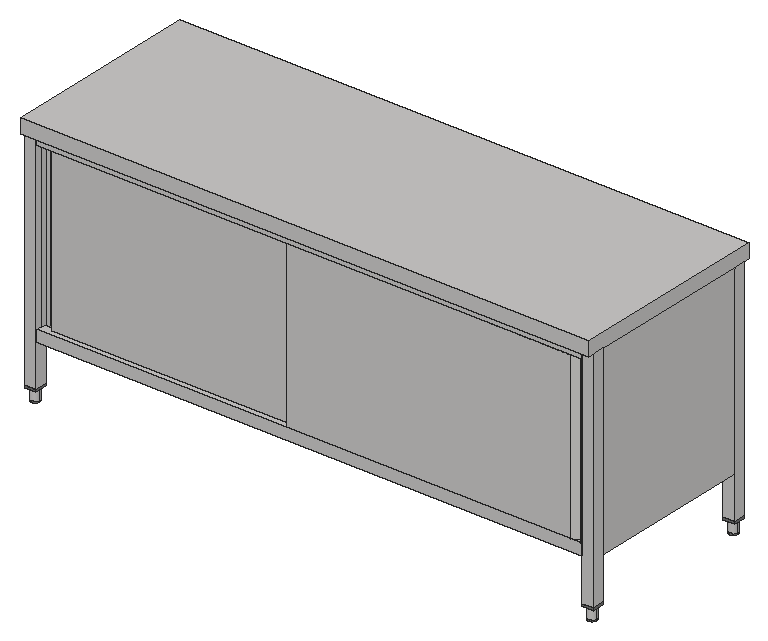
Revit family "QF_ELECTROLUXPROFESSIONAL_134044_GTND2000E", category Attrezzature speciali, Revit 2020
Family settings
  Quota connettore circolare = Usa diametro
  Tipo di parte = Normale
  Basato su piano di lavoro = No
  Sempre verticale = Sì
  Taglio con vuoti quando caricato = No
  Condiviso = No
  Punto di calcolo locali = No
Parameters (values of type "Standard")
  Weight = 110.00 kg
  Watts = 0 W
  Volts = 0 V
  URL Manufacturer = "https://www.electroluxprofessional.com/"
  URL = "https://www.electroluxprofessional.com/"
  Steam Supply Size = 0 mm
  Steam Supply Minimum Pressure = 0.0 Pa
  Steam Supply Maximum Pressure = 0.0 Pa
  Steam Consumption per Hour = 0
  Refrigeration Suction Line Size = 0.0 mm
  Refrigeration Liquid Line Size = 0.0 mm
  Refrigerant Compressor Remote = yes
  Prospetto di default = 0.0 mm
  Phase = 0
  Modello = "GTND2000E"
  Produttore = "Electrolux Professional"
  Length Actual = 2000.0 mm  # constant formula
  Item Number = "134044"
  Hot Water Size = 0 mm
  Height Actual = 900.0 mm  # constant formula
  HP = "0 HP"
  Gas Size = 0 mm
  Gas KW = 0
  Gas Input Pressure = 0 W
  Direct Waste Size = 0 mm
  Descrizione = "PASSTHRU WORKTOP CUPBOARD 2000 MM"
  Depth Actual = 700.0 mm  # constant formula
  Cycle = 0 Hz
  Condensate Return Size = 0 mm
  Compressed Air Volume = 0.0 L/s
  Compressed Air Size = 0 mm
  Compressed Air Pressure = 0.0 Pa
  Cold Water Size = 0 mm
  Accessory = yes
Reference planes
  plane 1 "Center (Front/Back)": y = 0
  plane 2: z = 0
  plane 3 "Center (Left/Right)": x = -500
  plane 4 "LEFT": x = -1500
  plane 5 "RIGHT": x = 500
  plane 6 "BACK": y = 350
  plane 7 "FRONT": y = -350
  plane 8 "Base": z = 850
  plane 9 "TOP": z = 900
  plane 10: x = -1480
  plane 11: x = 480
  plane 12: y = 310
  plane 13: y = -310
  plane 14 "BodyLeft": x = -1500
  plane 15 "BodyFront": y = -330
  plane 16 "BodyRight": x = 500
  plane 17 "BodyBack": y = 330
  plane 18 "FEET": z = 200
  plane 19: x = -420
  plane 20: x = -580
Forms (mm)
  Extrusion 1, solid, material "QF_Finishes_Stainless Steel"
    sketch origin (-500, 0, 0) x (0, 1, 0) y (0, 0, 1)
      loop
        line (-350, 850) -> (350, 850) -> (350, 900) -> (-350, 900) -> (-350, 850)
    from 1000 to -1000
  Extrusion 2, solid, material "QF_Finishes_Stainless Steel"
    sketch origin (0, 0, 200) x (-1, 0, 0) y (0, -1, 0)
      loop
        line (1500, -290) -> (1500, 290) -> (1460, 290) -> (1460, -290) -> (1500, -290)
      loop
        line (-460, -290) -> (-460, 290) -> (-500, 290) -> (-500, -290) -> (-460, -290)
    from 0 to 650
  Extrusion 3, solid, material "QF_Finishes_Stainless Steel"
    sketch origin (0, 0, 200) x (-1, 0, 0) y (0, -1, 0)
      loop
        line (1460, -330) -> (1460, 330) -> (-460, 330) -> (-460, -330) -> (1460, -330)
    from 0 to 40
  Extrusion 4, solid, material "QF_Finishes_Stainless Steel"
    sketch origin (0, 0, 200) x (-1, 0, 0) y (0, -1, 0)
      loop
        line (-460, 330) -> (-460, 310) -> (580, 310) -> (580, 330) -> (-420, 330) -> (-440, 315) -> (-455, 315) -> (-455, 330) -> (-460, 330)
    from 40 to 620
  Extrusion 5, solid, material "QF_Finishes_Stainless Steel"
    sketch origin (0, 20, 200) x (1, 0, 0) y (0, 1, 0)
      loop
        line (-1460, -330) -> (-1455, -330) -> (-1455, -315) -> (-1440, -315) -> (-1420, -330) -> (-420, -330) -> (-420, -310) -> (-1460, -310) -> (-1460, -330)
    from 40 to 620
  Extrusion 6, solid, material "QF_Finishes_Stainless Steel"
    sketch origin (0, 0, 200) x (-1, 0, 0) y (0, -1, 0)
      loop
        line (1460, 290) -> (-460, 290) -> (-460, -290) -> (1460, -290) -> (1460, 290)
    from 350 to 390
  Extrusion 7, solid, material "QF_Finishes_Stainless Steel"
    sketch origin (0, 0, 200) x (-1, 0, 0) y (0, -1, 0)
      loop
        line (-460, -330) -> (-455, -330) -> (-455, -315) -> (-440, -315) -> (-420, -330) -> (580, -330) -> (580, -310) -> (-460, -310) -> (-460, -330)
    from 40 to 620
  Extrusion 8, solid, material "QF_Finishes_Stainless Steel"
    sketch origin (0, -20, 200) x (1, 0, 0) y (0, 1, 0)
      loop
        line (-1460, 330) -> (-1460, 310) -> (-420, 310) -> (-420, 330) -> (-1420, 330) -> (-1440, 315) -> (-1455, 315) -> (-1455, 330) -> (-1460, 330)
    from 40 to 620
  Extrusion 9, solid, material "QF_Finishes_Stainless Steel"
    sketch origin (0, 0, 200) x (-1, 0, 0) y (0, -1, 0)
      loop
        line (1460, -330) -> (1460, 330) -> (-460, 330) -> (-460, -330) -> (1460, -330)
    from 620 to 650
Lines and regions (mm)
  symbolic lines
    curve 1: line (500, 350, 900) -> (-1500, 350, 900)
    curve 2: line (-1500, 350, 900) -> (-1500, -350, 900)
    curve 3: line (-1500, -350, 900) -> (500, -350, 900)
    curve 4: line (500, -350, 900) -> (500, 350, 900)
  symbolic lines, style "SpecialityEquipmentHiddenLines"
    curve 5: line (-1500, 330, 200) -> (500, 330, 200)
    curve 6: line (-1500, -330, 200) -> (-1500, 330, 200)
    curve 7: line (500, -330, 200) -> (-1500, -330, 200)
    curve 8: line (500, 330, 200) -> (500, -330, 200)
    curve 9: line (-1460, -290, 200) -> (-420, -290, 200)
    curve 10: line (-420, -290, 200) -> (-420, -310, 200)
    curve 11: line (-1460, -310, 200) -> (460, -310, 200)
    curve 12: line (460, -310, 200) -> (460, -330, 200)
    curve 13: line (-580, -310, 200) -> (-580, -330, 200)
    curve 14: line (-1460, -290, 200) -> (-1460, -310, 200)
    curve 15: line (-420, 290, 200) -> (-420, 310, 200)
    curve 16: line (-580, 330, 200) -> (-580, 310, 200)
    curve 17: line (460, 310, 200) -> (-1460, 310, 200)
    curve 18: line (-420, 290, 200) -> (-1460, 290, 200)
    curve 19: line (-1460, 290, 200) -> (-1460, 310, 200)
    curve 20: line (460, 310, 200) -> (460, 330, 200)
Dimensions and locks
  plane 4 "LEFT" to plane 5 "RIGHT" = 2000.0 mm
  equal spacing: plane 4 "LEFT", plane 3 "Center (Left/Right)", plane 5 "RIGHT"
  locked: plane 8 "Base" to level at 850
  plane 9 "TOP" to level = 900.0 mm
  plane 6 "BACK" to plane 7 "FRONT" = 700.0 mm
  equal spacing: plane 6 "BACK", plane 1 "Center (Front/Back)", plane 7 "FRONT"
  locked: plane 4 "LEFT" to plane 14 "BodyLeft"
  locked: plane 16 "BodyRight" to plane 5 "RIGHT"
  locked: plane 15 "BodyFront" to plane 7 "FRONT" at 20
  locked: plane 6 "BACK" to plane 17 "BodyBack" at 20
  locked: plane 14 "BodyLeft" to plane 10 at 20
  locked: plane 11 to plane 16 "BodyRight" at 20
  locked: plane 13 to plane 15 "BodyFront" at 20
  locked: plane 17 "BodyBack" to plane 12 at 20
  plane 10 to plane 11 = 1960.0 mm
  plane 12 to plane 13 = 620.0 mm
  locked: plane 14 "BodyLeft" to Extrusion 2 sketch curve at 40
  Extrusion 2 sketch curve to Extrusion 2 sketch curve = 40.0 mm
  locked: plane 3 "Center (Left/Right)" to plane 19 at 80
  locked: plane 20 to plane 3 "Center (Left/Right)" at 80
  locked: plane 18 "FEET" to plane 2 at 200
  Extrusion 9 to Extrusion 3 to plane 18 "FEET" = 580.0 mm, 40.0 mm
  aligned and locked: level to plane 2
  aligned and locked: plane 10 to nested 1
  aligned and locked: nested 1 to plane 13
  aligned and locked: plane 11 to nested 2
  aligned and locked: nested 2 to plane 13
  aligned and locked: plane 11 to nested 4
  aligned and locked: nested 4 to plane 12
  aligned and locked: plane 10 to nested 3
  aligned and locked: nested 3 to plane 12
  aligned and locked: Extrusion 1 to plane 4 "LEFT"
  aligned and locked: plane 5 "RIGHT" to Extrusion 1
  aligned and locked: curve 2 to plane 4 "LEFT"
  aligned and locked: Extrusion 2 sketch curve to plane 14 "BodyLeft"
  aligned and locked: plane 16 "BodyRight" to Extrusion 2 sketch curve
  aligned and locked: plane 8 "Base" to Extrusion 2
  aligned and locked: Extrusion 4 to Extrusion 3
  aligned and locked: Extrusion 5 sketch curve to plane 19
  aligned and locked: Extrusion 4 sketch curve to plane 20
  aligned and locked: Extrusion 1 to plane 8 "Base"
  aligned and locked: plane 9 "TOP" to Extrusion 1
  aligned and locked: curve 5 to plane 17 "BodyBack"
  aligned and locked: plane 14 "BodyLeft" to curve 6
  aligned and locked: plane 15 "BodyFront" to curve 7
  aligned and locked: plane 16 "BodyRight" to curve 8
  aligned and locked: Extrusion 3 sketch curve to Extrusion 2  (x2)
  aligned and locked: curve 7 to Extrusion 3 sketch curve
Automatic sketch dimensions
  curve 3 to plane 5 "RIGHT" = 0.0 mm
  curve 3 to plane 7 "FRONT" = 0.0 mm
  curve 2 to plane 6 "BACK" = 0.0 mm
  Extrusion 1 sketch curve to plane 7 "FRONT" = 0.0 mm
  Extrusion 1 sketch curve to plane 6 "BACK" = 0.0 mm
  Extrusion 1 sketch curve to plane 8 "Base" = 0.0 mm
  Extrusion 1 sketch curve to plane 9 "TOP" = 0.0 mm
  Extrusion 2 sketch curve to plane 12 = 20.0 mm  (x2)
  plane 13 to Extrusion 2 sketch curve = 20.0 mm  (x2)
  Extrusion 3 sketch curve to plane 17 "BodyBack" = 0.0 mm
  Extrusion 4 sketch curve to plane 15 "BodyFront" = 0.0 mm  (x2)
  Extrusion 4 sketch curve to plane 13 = 0.0 mm
  Extrusion 4 sketch curve to plane 11 = 60.0 mm
  Extrusion 4 sketch curve to plane 13 = 5.0 mm
  Extrusion 4 sketch curve to Extrusion 4 sketch curve = 20.0 mm
  Extrusion 4 sketch curve to Extrusion 4 sketch curve = 15.0 mm
  Extrusion 4 sketch curve to Extrusion 4 sketch curve = 5.0 mm
  Extrusion 5 sketch curve to plane 13 = 0.0 mm  (x2)
  Extrusion 5 sketch curve to plane 10 = 60.0 mm
  Extrusion 5 sketch curve to plane 13 = 15.0 mm
  Extrusion 5 sketch curve to Extrusion 5 sketch curve = 20.0 mm  (x2)
  Extrusion 5 sketch curve to Extrusion 5 sketch curve = 15.0 mm
  Extrusion 5 sketch curve to Extrusion 5 sketch curve = 5.0 mm
  curve 17 to plane 12 = 0.0 mm
  curve 11 to plane 13 = 0.0 mm
  curve 10 to plane 19 = 0.0 mm
  curve 15 to plane 19 = 0.0 mm
  curve 13 to plane 20 = 0.0 mm
  curve 16 to plane 20 = 0.0 mm
  curve 17 to plane 11 = 20.0 mm
  curve 11 to plane 11 = 20.0 mm
  plane 10 to curve 14 = 20.0 mm
  plane 10 to curve 19 = 20.0 mm
  curve 17 to curve 18 = 20.0 mm
  plane 13 to curve 9 = 20.0 mm
  Extrusion 6 sketch curve to plane 11 = 20.0 mm
  plane 10 to Extrusion 6 sketch curve = 20.0 mm
  Extrusion 6 sketch curve to plane 12 = 20.0 mm
  plane 13 to Extrusion 6 sketch curve = 20.0 mm
  Extrusion 7 sketch curve to plane 17 "BodyBack" = 0.0 mm  (x2)
  Extrusion 7 sketch curve to plane 12 = 0.0 mm
  Extrusion 7 sketch curve to plane 20 = 0.0 mm
  plane 11 to Extrusion 7 sketch curve = 60.0 mm
  Extrusion 7 sketch curve to plane 12 = 5.0 mm
  Extrusion 7 sketch curve to Extrusion 7 sketch curve = 20.0 mm
  Extrusion 7 sketch curve to Extrusion 7 sketch curve = 15.0 mm
  Extrusion 7 sketch curve to Extrusion 7 sketch curve = 5.0 mm
  Extrusion 8 sketch curve to plane 12 = 0.0 mm  (x2)
  Extrusion 8 sketch curve to plane 19 = 0.0 mm
  plane 10 to Extrusion 8 sketch curve = 60.0 mm
  Extrusion 8 sketch curve to plane 12 = 15.0 mm
  Extrusion 8 sketch curve to Extrusion 8 sketch curve = 20.0 mm  (x2)
  Extrusion 8 sketch curve to Extrusion 8 sketch curve = 15.0 mm
  Extrusion 8 sketch curve to Extrusion 8 sketch curve = 5.0 mm
  Extrusion 9 sketch curve to plane 17 "BodyBack" = 0.0 mm
  Extrusion 9 sketch curve to plane 15 "BodyFront" = 0.0 mm
  Extrusion 9 sketch curve to plane 11 = 20.0 mm
  plane 10 to Extrusion 9 sketch curve = 20.0 mm
Nested families
  nested 1: "FEET_40x40_APP50" at (-1480, -310, 0), type "FEET_40x40_APP50"
  nested 2: "FEET_40x40_APP50" at (480, -310, 0), type "FEET_40x40_APP50"
  nested 3: "FEET_40x40_APP50" at (-1480, 310, 0), type "FEET_40x40_APP50"
  nested 4: "FEET_40x40_APP50" at (480, 310, 0), type "FEET_40x40_APP50"
Definition of nested family "FEET_40x40_APP50"
  Parameters
    Default Elevation = 0.0 mm
    FEET = 850.0 mm
  Reference planes
    plane 1 "Center (Front/Back)": y = 0
    plane 2: z = 0
    plane 3 "Center (Left/Right)": x = 0
    plane 4: z = 850
  Forms (mm)
    Extrusion 1, solid
      sketch origin (0, 0, 0) x (1, 0, 0) y (0, 1, 0)
        loop
          line (-20, -20) -> (20, -20) -> (20, 20) -> (-20, 20) -> (-20, -20)
      from 50 to 850
    Extrusion 2, solid
      sketch origin (0, 0, 0) x (1, 0, 0) y (0, 1, 0)
        loop
          circle (0, 0) r 15
      from 0 to 5
    Extrusion 3, solid
      sketch origin (0, 0, 0) x (1, 0, 0) y (0, 1, 0)
        loop
          line (-20, -20) -> (20, -20) -> (20, 20) -> (-20, 20) -> (-20, -20)
      from 50 to 42
    Extrusion 4, solid
      sketch origin (0, 0, 0) x (1, 0, 0) y (0, 1, 0)
        loop
          circle (0, 0) r 15
      from 5 to 42
  Lines and regions (mm)
    symbolic lines
      curve 1: line (0, -1.503, 0) -> (0, 1.508, 0)
      curve 2: line (1.561, 0, 0) -> (-1.439, 0, 0)
  Dimensions and locks
    "FEET": plane 4 to plane 2
    aligned and locked: level to plane 2
  Automatic sketch dimensions
    plane 1 "Center (Front/Back)" to curve 2 = 0.0 mm
    curve 1 to plane 3 "Center (Left/Right)" = 0.0 mm
    curve 2 to plane 3 "Center (Left/Right)" = 1.439 mm
    plane 3 "Center (Left/Right)" to curve 2 = 1.561 mm
    plane 1 "Center (Front/Back)" to curve 1 = 1.503 mm
    curve 1 to plane 1 "Center (Front/Back)" = 1.508 mm
    Extrusion 1 sketch curve to plane 3 "Center (Left/Right)" = 20.0 mm
    plane 3 "Center (Left/Right)" to Extrusion 1 sketch curve = 20.0 mm
    plane 1 "Center (Front/Back)" to Extrusion 1 sketch curve = 20.0 mm
    Extrusion 1 sketch curve to plane 1 "Center (Front/Back)" = 20.0 mm
    plane 1 "Center (Front/Back)" to Extrusion 2 sketch curve = 0.0 mm
    Extrusion 2 sketch curve to plane 3 "Center (Left/Right)" = 0.0 mm
    Extrusion 3 sketch curve to plane 3 "Center (Left/Right)" = 20.0 mm
    plane 3 "Center (Left/Right)" to Extrusion 3 sketch curve = 20.0 mm
    plane 1 "Center (Front/Back)" to Extrusion 3 sketch curve = 20.0 mm
    Extrusion 3 sketch curve to plane 1 "Center (Front/Back)" = 20.0 mm
    plane 1 "Center (Front/Back)" to Extrusion 4 sketch curve = 0.0 mm
    Extrusion 4 sketch curve to plane 3 "Center (Left/Right)" = 0.0 mm
    radius of Extrusion 2 sketch curve = 15.0 mm
    radius of Extrusion 4 sketch curve = 15.0 mm
